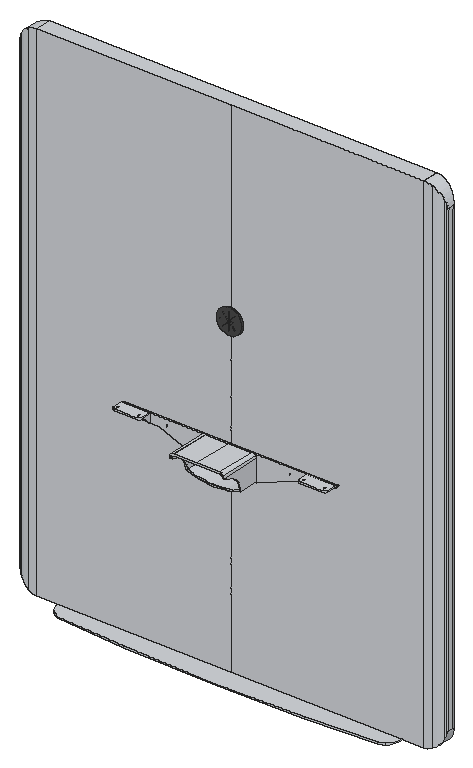
Revit family "Bernhardt_Design-Tables-Conference-Playbook_Lounge_MediaWall", category Furniture, Revit 2016
Family settings
  OmniClass Number = 23.40.20.00
  OmniClass Title = General Furniture and Specialties
  Work Plane-Based = No
  Always vertical = Yes
  Cut with Voids When Loaded = No
  Shared = No
  Room Calculation Point = No
Parameters (values of type "Playbook - Media Wall - Lounge")
  URL = "http://www.bernhardtdesign.com"
  Model = "Playbook"  # constant formula
  Fabric [instance] = none
  Manufacturer = "Bernhardt Design"  # constant formula
  Copyright © = "Copyright © Bernhardt Design"  # constant formula
  Catalog = "PKS-PML\r\nPKS-PML\r\nPKS-PML"
  Black Plastic = Plastic, Opaque Black
  Base finish [instance] = none
  Authoring Version = "Autodesk Revit 2016"  # constant formula
Reference planes (in)
  plane 1 "Center Front/Back": y = 0
  plane 2: z = 0
  plane 3 "Center Left/Right": x = 0
Forms (in)
  Extrusion 1, solid, material <- "Fabric"
    sketch origin (0, 0, 0) x (1, 0, 0) y (0, 1, 0)
      loop
        arc (-29.51739, -0.3859) -> (-29.4483, -0.49872) -> (-29.34273, -0.57845) r 0.35529
        arc (-29.34273, -0.57845) -> (-29.21359, -0.65712) -> (-29.07598, -0.7198) r 1.26412
        arc (-29.07598, -0.7198) -> (-28.43688, -0.92168) -> (-27.7778, -1.04347) r 5.4426
        arc (-27.7778, -1.04347) -> (-27.21749, -1.09056) -> (-26.65522, -1.09577) r 7.54282
        line (-26.65522, -1.09577) -> (0, -1.09577) -> (26.65522, -1.09577)
        arc (26.65522, -1.09577) -> (27.21749, -1.09056) -> (27.7778, -1.04347) r 7.54282
        arc (27.7778, -1.04347) -> (28.43688, -0.92168) -> (29.07598, -0.7198) r 5.4426
        arc (29.07598, -0.7198) -> (29.21359, -0.65712) -> (29.34273, -0.57845) r 1.26412
        arc (29.34273, -0.57845) -> (29.4483, -0.49872) -> (29.51739, -0.3859) r 0.35529
        line (29.51739, -0.3859) -> (29.5225, 0.37147)
        arc (29.5225, 0.37147) -> (29.45339, 0.493) -> (29.34273, 0.57845) r 0.35529
        arc (29.34273, 0.57845) -> (29.21359, 0.65712) -> (29.07598, 0.7198) r 1.26412
        arc (29.07598, 0.7198) -> (28.43688, 0.92168) -> (27.7778, 1.04347) r 5.4426
        arc (27.7778, 1.04347) -> (27.21749, 1.09056) -> (26.65522, 1.09577) r 7.54282
        line (26.65522, 1.09577) -> (0, 1.09577) -> (-26.65522, 1.09577)
        arc (-26.65522, 1.09577) -> (-27.21749, 1.09056) -> (-27.7778, 1.04347) r 7.54282
        arc (-27.7778, 1.04347) -> (-28.43688, 0.92168) -> (-29.07598, 0.7198) r 5.4426
        arc (-29.07598, 0.7198) -> (-29.21359, 0.65712) -> (-29.34273, 0.57845) r 1.26412
        arc (-29.34273, 0.57845) -> (-29.45339, 0.493) -> (-29.5225, 0.37147) r 0.35529
        line (-29.5225, 0.37147) -> (-29.51739, -0.3859)
    from 0.25838 to 70.24163
  Extrusion 2, void
    sketch origin (0, 0, 0) x (1, 0, 0) y (0, 0, 1)
      loop
        line (-29.48132, 3.0469) -> (-31.40522, 3.0469) -> (-31.40522, -1.4531) -> (-26.65522, -1.4531) -> (-26.65522, 0.26971)
        arc (-26.65522, 0.26971) -> (-28.60448, 1.11266) -> (-29.48132, 3.0469) r 2.94775
    from -1.27475 to 1.38173
  Extrusion 3, void
    sketch origin (0, 0, 0) x (-1, 0, 0) y (0, 0, -1)
      loop
        arc (-29.48132, -3.0469) -> (-28.60448, -1.11266) -> (-26.65522, -0.26971) r 2.94775
        line (-26.65522, -0.26971) -> (-26.65522, 1.4531) -> (-31.40522, 1.4531) -> (-31.40522, -3.0469) -> (-29.48132, -3.0469)
    from -1.27475 to 1.38173
  Extrusion 4, void
    sketch origin (0, 0, 70.48061) x (1, 0, 0) y (0, 0, 1)
      loop
        arc (-29.48132, -3.0469) -> (-28.60448, -1.11266) -> (-26.65522, -0.26971) r 2.94775
        line (-26.65522, -0.26971) -> (-26.65522, 1.4531) -> (-31.40522, 1.4531) -> (-31.40522, -3.0469) -> (-29.48132, -3.0469)
    from -1.27475 to 1.38173
  Extrusion 5, void
    sketch origin (0, 0, 70.48061) x (-1, 0, 0) y (0, 0, -1)
      loop
        line (-29.48132, 3.0469) -> (-31.40522, 3.0469) -> (-31.40522, -1.4531) -> (-26.65522, -1.4531) -> (-26.65522, 0.26971)
        arc (-26.65522, 0.26971) -> (-28.60448, 1.11266) -> (-29.48132, 3.0469) r 2.94775
    from -1.27475 to 1.38173
  Extrusion 6, solid, material <- "Base finish"
    sketch origin (0, 0, 0) x (1, 0, 0) y (0, 1, 0)
      loop
        arc (-23.62746, -1.60293) -> (-23.34605, -2.31197) -> (-22.83213, -2.87573) r 2.12258
        arc (-22.83213, -2.87573) -> (-22.44546, -3.10169) -> (-22.01564, -3.22749) r 1.83898
        line (-22.01564, -3.22749) -> (-12.4396, -3.83135) -> (0, -4.10877) -> (12.4396, -3.83135) -> (22.01564, -3.22749)
        arc (22.01564, -3.22749) -> (22.44546, -3.10169) -> (22.83213, -2.87573) r 1.83898
        arc (22.83213, -2.87573) -> (23.34605, -2.31197) -> (23.62746, -1.60293) r 2.12258
        line (23.62746, -1.60293) -> (23.64567, 3.82343)
        arc (23.64567, 3.82343) -> (23.38853, 4.26236) -> (22.91013, 4.43534) r 0.74803
        line (22.91013, 4.43534) -> (20.85107, 4.43534) -> (0, 4.43534) -> (-20.85107, 4.43534) -> (-22.91013, 4.43534)
        arc (-22.91013, 4.43534) -> (-23.38853, 4.26236) -> (-23.64567, 3.82343) r 0.74803
        line (-23.64567, 3.82343) -> (-23.62746, -1.60293)
    from 0.06102 to 0.25838
  Extrusion 7, solid, material <- "Fabric"
    sketch origin (0, 0, 0) x (1, 0, 0) y (0, 1, 0)
      loop
        circle (-22.0187, 3.16928) r 1
      loop
        circle (-22.0812, -1.48014) r 1
      loop
        circle (-9.11286, -2.26198) r 1
      loop
        circle (-0.03204, 3.16235) r 1
      loop
        circle (22.0187, 3.16928) r 1
      loop
        circle (22.0812, -1.48014) r 1
      loop
        circle (9.11286, -2.26198) r 1
    from -0.00147 to 0.06102
  Extrusion 8, solid, material <- "Fabric"
    sketch origin (0, 0, 0) x (1, 0, 0) y (0, 1, 0)
      loop
        line (-22.61879, 0.33888) -> (0, 0.33888) -> (22.54656, 0.33888) -> (22.54656, 1.21388) -> (0, 1.21388) -> (-22.61879, 1.21388) -> (-22.61879, 0.33888)
    from 0.25 to 63.77559
  Extrusion 9, solid, material <- "Base finish"
    sketch origin (-4.83464, -0.125, 0) x (1, 0, 0) y (0, 1, 0)
      loop
        line (-17.11879, 1.33888) -> (0, 1.33888) -> (26.57215, 1.33888) -> (26.57215, 4.56034) -> (0, 4.56034) -> (-17.11879, 4.56034) -> (-17.11879, 1.33888)
    from 0.25 to 62.96653
  Extrusion 10, void
    sketch origin (0, 0, 0) x (1, 0, 0) y (0, 0, -1)
      loop
        line (20.97522, -62.21654) -> (20.97522, -0.25838) -> (-21.05974, -0.25838) -> (-21.05974, -62.21654) -> (20.97522, -62.21654)
    from 0.57845 to 12
  Extrusion 11, solid, material <- "Base finish"
    sketch origin (-4.83464, -0.125, 0) x (1, 0, 0) y (0, 1, 0)
      loop
        line (-16.07058, 0.84762) -> (0, 0.84762) -> (25.82215, 0.84762) -> (25.82215, 4.56034) -> (0, 4.56034) -> (-16.07058, 4.56034) -> (-16.07058, 0.84762)
    from 34.875 to 35.625
  Extrusion 12, void
    sketch origin (0.01835, -0.79837, 70.5) x (0, -1, 0) y (1, 0, 0)
      loop
        circle (-3.40867, -0.00033) r 1.54851
    from -36.38206 to -33.96616
  Extrusion 13, solid, material <- "Fabric"
    sketch origin (-4.83464, -0.125, 0) x (1, 0, 0) y (0, 1, 0)
      loop
        line (-16.01643, 1.40286) -> (-16.01643, 0.46389) -> (0, 0.46389) -> (25.61349, 0.46389) -> (25.61349, 1.40286) -> (0, 1.40286) -> (-16.01643, 1.40286)
    from 0.25838 to 6.23425
  Extrusion 14, solid, material <- "Fabric"
    sketch origin (0, 0, 0) x (0, 1, 0) y (0, 0, 1)
      loop
        line (4.43534, 6.23425) -> (1.09577, 6.23425) -> (1.09577, 0.25838) -> (4.43534, 0.25838) -> (4.43534, 6.23425)
    from -21.04005 to -20.85107
  Extrusion 15, void
    sketch origin (-42.0801, 0, 0) x (0, 1, 0) y (0, 0, -1)
      loop
        line (1.08889, -6.23425) -> (1.08889, -7.48425) -> (5.43534, -7.48425) -> (5.43534, -0.25) -> (4.43534, -0.25) -> (4.42286, -4.09202) -> (4.31341, -4.36523) -> (2.56632, -6.11232) -> (2.29311, -6.22176) -> (1.08889, -6.23425)
    from -21.22903 to -21.02036
  Extrusion 16, solid, material <- "Fabric"
    sketch origin (0, 0, 0) x (0, 1, 0) y (0, 0, 1)
      loop
        line (4.43534, 6.23425) -> (1.09577, 6.23425) -> (1.09577, 0.25838) -> (4.43534, 0.25838) -> (4.43534, 6.23425)
    from 20.98751 to 20.77885
  Extrusion 17, void
    sketch origin (84.05512, 0, 0) x (0, 1, 0) y (0, 0, 1)
      loop
        line (1.21388, 6.23295) -> (2.29311, 6.22176) -> (2.56632, 6.11232) -> (4.31341, 4.36523) -> (4.42286, 4.09202) -> (4.43534, 0.25) -> (5.43534, 0.25) -> (5.43534, 6.33609) -> (1.21388, 6.33609) -> (1.21388, 6.23295)
    from -63.27627 to -62.98883
  Extrusion 18, solid, material "Plastic, Opaque Black" <- "Black Plastic"
    sketch origin (0, 0, 0) x (1, 0, 0) y (0, 0, 1)
      loop
        circle (0, 43.57332) r 1.75
      loop
        line (-0.22422, 43.63499) -> (-1.27108, 43.5937) -> (-1.2953, 43.54992) -> (-1.27108, 43.52048) -> (-0.22411, 43.47917) -> (-0.90741, 42.73756) -> (-0.89411, 42.69131) -> (-0.85679, 42.68532) -> (-0.11396, 43.36919) -> (-0.07272, 42.36149) -> (-0.04328, 42.33727) -> (-0.00828, 42.34814) -> (0.04135, 43.36954) -> (0.78456, 42.68532) -> (0.82428, 42.69169) -> (0.832, 42.74346) -> (0.152, 43.47916) -> (1.15215, 43.51837) -> (1.1837, 43.54992) -> (1.15948, 43.5937) -> (0.15192, 43.63492) -> (0.832, 44.37071) -> (0.82689, 44.42009) -> (0.77751, 44.42521) -> (0.04181, 43.7452) -> (0.0026, 44.74535) -> (-0.03626, 44.77658) -> (-0.07483, 44.74535) -> (-0.11404, 43.74521) -> (-0.85408, 44.42942) -> (-0.89912, 44.42009) -> (-0.90425, 44.37052) -> (-0.22422, 43.63499)
    from -0.72262 to 1.27528
  Extrusion 19, solid, material "Plastic, Opaque Black" <- "Black Plastic"
    sketch origin (0, 0, 0) x (1, 0, 0) y (0, 0, 1)
      loop
        circle (0, 26.44832) r 1.75
      loop
        line (-0.22422, 26.50999) -> (-1.27108, 26.4687) -> (-1.2953, 26.42492) -> (-1.27108, 26.39548) -> (-0.22411, 26.35417) -> (-0.90741, 25.61256) -> (-0.89411, 25.56631) -> (-0.85679, 25.56032) -> (-0.11396, 26.24419) -> (-0.07272, 25.23649) -> (-0.04328, 25.21227) -> (-0.00828, 25.22314) -> (0.04135, 26.24454) -> (0.78456, 25.56032) -> (0.82428, 25.56669) -> (0.832, 25.61846) -> (0.152, 26.35416) -> (1.15215, 26.39337) -> (1.1837, 26.42492) -> (1.15948, 26.4687) -> (0.15192, 26.50992) -> (0.832, 27.24571) -> (0.82689, 27.29509) -> (0.77751, 27.30021) -> (0.04181, 26.6202) -> (0.0026, 27.62035) -> (-0.03626, 27.65158) -> (-0.07483, 27.62035) -> (-0.11404, 26.62021) -> (-0.85408, 27.30442) -> (-0.89912, 27.29509) -> (-0.90425, 27.24552) -> (-0.22422, 26.50999)
    from -0.72262 to 1.39387
  Extrusion 20, solid, material <- "Base finish"
    sketch origin (0, 0, 0) x (1, 0, 0) y (0, 0, 1)
      loop
        line (-14.79989, 28.51772) -> (-14.79996, 28.32817)
        arc (-14.79996, 28.32817) -> (-14.79275, 28.28488) -> (-14.77186, 28.24629) r 0.1332
        line (-14.77186, 28.24629) -> (-13.19401, 27.34633)
        arc (-13.19401, 27.34633) -> (-13.05481, 27.29291) -> (-12.90601, 27.28358) r 0.49262
        line (-12.90601, 27.28358) -> (-9.48587, 27.24055) -> (-3.81593, 25.05326)
        arc (-3.81593, 25.05326) -> (0, 24.34274) -> (3.81593, 25.05326) r 10.60224
        line (3.81593, 25.05326) -> (9.48587, 27.24055) -> (12.90601, 27.28358)
        arc (12.90601, 27.28358) -> (13.05481, 27.29291) -> (13.19401, 27.34633) r 0.49262
        line (13.19401, 27.34633) -> (14.77186, 28.24629)
        arc (14.77186, 28.24629) -> (14.79275, 28.28488) -> (14.79996, 28.32817) r 0.1332
        line (14.79996, 28.32817) -> (14.79989, 28.51772) -> (0, 28.51772) -> (-14.79989, 28.51772)
    from 0 to 1.35009
  Extrusion 21, solid, material <- "Base finish"
    sketch origin (0, 0, 0) x (1, 0, 0) y (0, 1, 0)
      loop
        line (-10.86289, -1.35009) -> (-14.79885, -1.35009) -> (-14.79135, -2.71094)
        arc (-14.79135, -2.71094) -> (-14.60957, -3.00576) -> (-14.28297, -3.12107) r 0.52014
        line (-14.28297, -3.12107) -> (-11.3741, -3.12107)
        arc (-11.3741, -3.12107) -> (-11.01262, -2.97134) -> (-10.86289, -2.60986) r 0.51121
        line (-10.86289, -2.60986) -> (-10.86289, -1.35009)
    from 28.32874 to 28.51772
  Extrusion 22, solid, material <- "Base finish"
    sketch origin (0, 0, 0) x (1, 0, 0) y (0, 1, 0)
      loop
        line (10.80039, -1.35009) -> (10.80039, -2.60986)
        arc (10.80039, -2.60986) -> (10.95012, -2.97134) -> (11.3116, -3.12107) r 0.51121
        line (11.3116, -3.12107) -> (14.22047, -3.12107)
        arc (14.22047, -3.12107) -> (14.54707, -3.00576) -> (14.72885, -2.71094) r 0.52014
        line (14.72885, -2.71094) -> (14.73635, -1.35009) -> (10.80039, -1.35009)
    from 28.32874 to 28.51772
  Extrusion 23, solid, material <- "Fabric"
    sketch origin (0, 0, 0) x (0, 1, 0) y (0, 0, 1)
      loop
        line (-2.60994, 28.32874) -> (-1.35009, 27.25788) -> (-1.35009, 28.32874) -> (-2.60994, 28.32874)
    from -11.05186 to -10.86289
  Extrusion 24, solid, material <- "Fabric"
    sketch origin (0, 0, 0) x (0, 1, 0) y (0, 0, 1)
      loop
        line (-2.60994, 28.32874) -> (-1.35009, 27.25788) -> (-1.35009, 28.32874) -> (-2.60994, 28.32874)
    from 10.79066 to 10.97963
  Extrusion 25, solid, material <- "Base finish"
    sketch origin (0, 0, 0) x (1, 0, 0) y (0, 0, 1)
      loop
        line (0, 28.51772) -> (-3.22509, 28.51772)
        arc (-3.22509, 28.51772) -> (-3.59337, 28.38532) -> (-3.80178, 28.05407) r 0.60025
        arc (-3.80178, 28.05407) -> (-3.81217, 27.90698) -> (-3.81564, 27.75956) r 3.13476
        line (-3.81564, 27.75956) -> (-3.81564, 25.05315)
        arc (-3.81564, 25.05315) -> (-0.03611, 24.34268) -> (3.74341, 25.05315) r 10.40833
        line (3.74341, 25.05315) -> (3.74341, 27.90787)
        arc (3.74341, 27.90787) -> (3.71823, 28.08707) -> (3.64463, 28.25238) r 0.65012
        arc (3.64463, 28.25238) -> (3.44508, 28.44391) -> (3.17851, 28.51772) r 0.56475
        line (3.17851, 28.51772) -> (0, 28.51772)
    from 1.35009 to 6.86978
  Extrusion 26, void
    sketch origin (0, -2.70018, 0) x (1, 0, 0) y (0, 0, -1)
      loop
        line (0, -28.32874) -> (3.18912, -28.32874)
        arc (3.18912, -28.32874) -> (3.32519, -28.29551) -> (3.43768, -28.21204) r 0.35357
        arc (3.43768, -28.21204) -> (3.52424, -28.07078) -> (3.55444, -27.90787) r 0.45457
        line (3.55444, -27.90787) -> (3.55444, -25.18209)
        arc (3.55444, -25.18209) -> (-0.03903, -24.57203) -> (-3.62667, -25.21547) r 10.59835
        line (-3.62667, -25.21547) -> (-3.62667, -27.73709) -> (-3.62667, -27.93504)
        arc (-3.62667, -27.93504) -> (-3.60948, -28.05006) -> (-3.55941, -28.15503) r 0.39341
        arc (-3.55941, -28.15503) -> (-3.4176, -28.28267) -> (-3.23245, -28.32874) r 0.39407
        line (-3.23245, -28.32874) -> (0, -28.32874)
    from -5.88184 to 1.79596
  Extrusion 27, void
    sketch origin (0, 0, 0) x (0, 1, 0) y (0, 0, 1)
      loop
        arc (-3.89694, 24.56199) -> (-3.9059, 24.89) -> (-3.94762, 25.21547) r 3.27569
        arc (-3.94762, 25.21547) -> (-4.10278, 25.78185) -> (-4.35657, 26.31144) r 3.27569
        arc (-4.35657, 26.31144) -> (-4.77589, 26.80231) -> (-5.26676, 27.22163) r 4.11878
        arc (-5.26676, 27.22163) -> (-5.53879, 27.38836) -> (-5.83358, 27.51044) r 2.03103
        arc (-5.83358, 27.51044) -> (-6.17685, 27.61208) -> (-6.52495, 27.69569) r 6.86114
        arc (-6.52495, 27.69569) -> (-6.62962, 27.75403) -> (-6.72549, 27.82592) r 0.88857
        arc (-6.72549, 27.82592) -> (-6.81573, 27.96876) -> (-6.86978, 28.12884) r 0.71194
        line (-6.86978, 28.12884) -> (-6.86978, 28.51772) -> (-7.36978, 28.51772) -> (-7.36978, 24.07874) -> (-3.89694, 24.07874) -> (-3.89694, 24.56199)
    from -3.98956 to 3.92488
  Extrusion 28, void
    sketch origin (0, 0, 0) x (1, 0, 0) y (0, 0, 1)
      loop
        circle (-2.6282, 27.33626) r 0.11007
      loop
        circle (-2.6282, 25.36526) r 0.11007
      loop
        circle (2.5647, 27.33626) r 0.11007
      loop
        circle (2.5647, 25.36526) r 0.11007
      loop
        circle (-8.50311, 27.73029) r 0.11007
      loop
        circle (8.42657, 27.73029) r 0.11007
      loop
        circle (12.36373, 27.73029) r 0.11007
      loop
        circle (-12.44227, 27.73029) r 0.11007
    from 0.96379 to 2.32341
  Extrusion 29, void
    sketch origin (0, 0.67777, 0) x (1, 0, 0) y (0, 0, -1)
      loop
        circle (-19.28807, -55.33833) r 0.11007
      loop
        circle (-19.28807, -51.32661) r 0.11007
      loop
        circle (-11.28807, -55.33833) r 0.11007
      loop
        circle (-11.28807, -51.32661) r 0.11007
      loop
        circle (-3.22557, -55.33833) r 0.11007
      loop
        circle (-3.22557, -51.32661) r 0.11007
      loop
        circle (3.21193, -55.33833) r 0.11007
      loop
        circle (3.21193, -51.32661) r 0.11007
      loop
        circle (11.17284, -55.33833) r 0.11007
      loop
        circle (11.17284, -51.32661) r 0.11007
      loop
        circle (19.17284, -55.33833) r 0.11007
      loop
        circle (19.17284, -51.32661) r 0.11007
      loop
        circle (-19.28807, -27.96333) r 0.11007
      loop
        circle (-19.28807, -23.95161) r 0.11007
      loop
        circle (-11.28807, -27.96333) r 0.11007
      loop
        circle (-11.28807, -23.95161) r 0.11007
      loop
        circle (-3.22557, -27.96333) r 0.11007
      loop
        circle (-3.22557, -23.95161) r 0.11007
      loop
        circle (3.21193, -27.96333) r 0.11007
      loop
        circle (3.21193, -23.95161) r 0.11007
      loop
        circle (11.17284, -27.96333) r 0.11007
      loop
        circle (11.17284, -23.95161) r 0.11007
      loop
        circle (19.17284, -27.96333) r 0.11007
      loop
        circle (19.17284, -23.95161) r 0.11007
    from 3.75758 to -1.27354
  Extrusion 30, void
    sketch origin (0, -2.70018, 0) x (1, 0, 0) y (0, 0, -1)
      loop
        circle (-2.6282, -27.33626) r 0.11007
      loop
        circle (-2.6282, -25.36526) r 0.11007
      loop
        circle (2.5647, -27.33626) r 0.11007
      loop
        circle (2.5647, -25.36526) r 0.11007
    from 0.96379 to 2.61816
  Extrusion 31, void
    sketch origin (0, 0.67777, 0) x (1, 0, 0) y (0, 0, -1)
      loop
        circle (18.91575, -5.23745) r 0.11007
      loop
        circle (12.59116, -1.49695) r 0.11007
      loop
        circle (6.28558, -5.25786) r 0.11007
      loop
        circle (-0.03124, -1.50605) r 0.11007
      loop
        circle (-6.36097, -5.2529) r 0.11007
      loop
        circle (-12.67133, -1.51655) r 0.11007
      loop
        circle (-18.98753, -5.24684) r 0.11007
    from 3.75758 to -1.27354
  Extrusion 32, void
    sketch origin (0, 0, 40.51094) x (0, -1, 0) y (1, 0, 0)
      loop
        circle (2.62262, -14.28594) r 0.12076
      loop
        circle (2.62262, -11.36872) r 0.12076
      loop
        circle (2.62262, 11.30781) r 0.12076
      loop
        circle (2.62262, 14.22503) r 0.12076
    from -13.25307 to -10.11049
  Extrusion 33, void
    sketch origin (-41.70215, 0, 0) x (0, 1, 0) y (0, 0, -1)
      loop
        circle (2.06441, -5.1503) r 0.10938
      loop
        circle (3.8227, -1.00803) r 0.10938
    from -23.22036 to -20.64241
  Extrusion 34, void
    sketch origin (83.25984, 0, 0) x (0, 1, 0) y (0, 0, 1)
      loop
        circle (2.06441, 5.1503) r 0.10938
      loop
        circle (3.8227, 1.00803) r 0.10938
    from -65.32961 to -62.28463
Cuts and joins
  Extrusion 2, Extrusion 3, Extrusion 4, Extrusion 5, Extrusion 10, Extrusion 15, Extrusion 17, Extrusion 26, Extrusion 28, Extrusion 29, Extrusion 30, Extrusion 31 cuts Extrusion 1
  Extrusion 10 cuts Extrusion 6
  Extrusion 10 cuts Extrusion 7
  Extrusion 10, Extrusion 15, Extrusion 17, Extrusion 26, Extrusion 29, Extrusion 31 cuts Extrusion 8
  Extrusion 10, Extrusion 33, Extrusion 34 cuts Extrusion 9
  Extrusion 12 cuts Extrusion 11
  Extrusion 15, Extrusion 33 cuts Extrusion 14
  Extrusion 17, Extrusion 34 cuts Extrusion 16
  Extrusion 26 cuts Extrusion 19
  Extrusion 26, Extrusion 28, Extrusion 29, Extrusion 31 cuts Extrusion 20
  Extrusion 26, Extrusion 27 cuts Extrusion 25
  Extrusion 31 cuts Extrusion 13
  Extrusion 32 cuts Extrusion 21
  Extrusion 32 cuts Extrusion 22
Dimensions and locks (in)
  aligned and locked: level to plane 2
